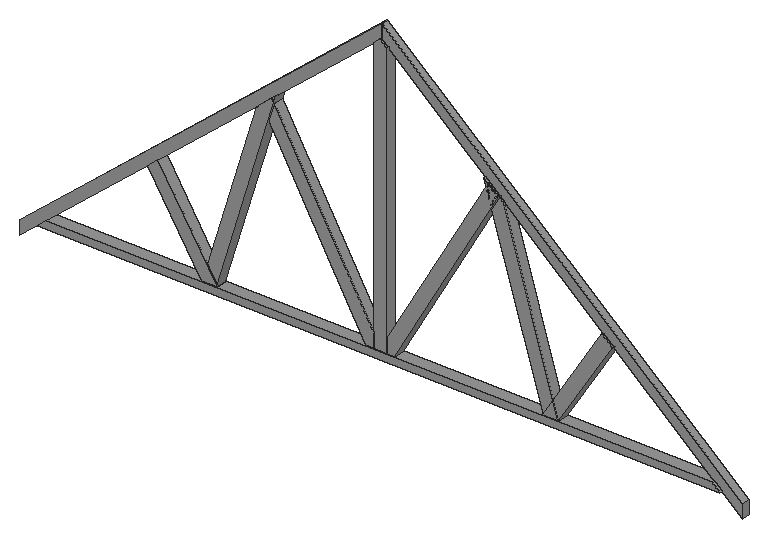
Revit family "ModifiedQueenTruss", category Structural Framing, Revit 2021
Family settings
  Section Shape = Not Defined
  Material for Model Behavior = Other
  Always export as geometry = No
  OmniClass Number = 23.25.30.21.14
  OmniClass Title = Trussed Beams and Joists
  Work Plane-Based = No
  Always vertical = Yes
  Cut with Voids When Loaded = No
  Symbolic Representation = From Family
  Shared = No
  Show family pre-cut in plan views = Yes
Parameters
  WebWidth [instance] = 150 mm
  WebDepth [instance] = 200 mm
  TopWidth [instance] = 100 mm
  T_Volume [instance] = 0.00 m³
  Structural Material [instance] = Poche
  SpanRight [instance] = 5000 mm
  SpanLeft [instance] = 5000 mm
  Span [instance] = SpanLeft + SpanRight  # 10000 mm
  SlopeRight [instance] = 40.00°
  SlopeLeft [instance] = 40.00°
  OverhangRight [instance] = 300 mm
  OverhangLeft [instance] = 300 mm
  BottomWidth [instance] = 200 mm
  BottomDepth [instance] = 100 mm
  TopDepth [instance] = 150 mm
Reference planes
  plane 1 "Center (Front/Back)": y = 0
  plane 2: z = 0
  plane 3 "Center (Left/Right)": x = 0
  plane 4: x = 5000
  plane 5: x = 5300
  plane 6: x = -5000
  plane 7: x = -5300
  plane 8: z = 100
  plane 9: x = 100
  plane 10: x = -100
  plane 11: y = 50
  plane 12: y = 75
  plane 13: y = 100
  plane 14: y = -50
  plane 15: y = -75
  plane 16: y = -100
  plane 17: x = 1666.667
  plane 18: x = 3333.333
  plane 19: x = -1666.667
  plane 20: x = -3333.333
  plane 21: x = 2500
  plane 22: x = -2500
Forms (mm)
  Extrusion 1, solid, material "Cherry"
    sketch origin (0, 0, 0) x (1, 0, 0) y (0, 0, 1)
      loop
        line (-5300, -251.73) -> (0, 4195.498) -> (0, 4391.309) -> (-5300, -55.919) -> (-5300, -251.73)
    from -50 to 50
  Extrusion 2, solid, material "Cherry"
    sketch origin (0, 0, 0) x (1, 0, 0) y (0, 0, 1)
      loop
        line (5300, -251.73) -> (5300, -55.919) -> (0, 4391.309) -> (0, 4195.498) -> (5300, -251.73)
    from -50 to 50
  Extrusion 3, solid, material "Cherry"
    sketch origin (0, 0, 0) x (1, 0, 0) y (0, 0, 1)
      loop
        line (-5000, 0) -> (5000, 0) -> (4880.825, 100) -> (-4880.825, 100) -> (-5000, 0)
    from -100 to 100
  Extrusion 4, solid, material "Cherry"
    sketch origin (0, 0, 0) x (1, 0, 0) y (0, 0, 1)
      loop
        line (-2381.178, 100) -> (-3256.101, 1463.305) -> (-3410.565, 1333.694) -> (-2618.822, 100) -> (-2381.178, 100)
    from -75 to 75
  Extrusion 5, solid, material "Cherry"
    sketch origin (0, 0, 0) x (1, 0, 0) y (0, 0, 1)
      loop
        line (-1525.367, 2915.563) -> (-1807.966, 2678.434) -> (-2604.665, 100) -> (-2395.335, 100) -> (-1525.367, 2915.563)
    from -75 to 75
  Extrusion 6, solid, material "Cherry"
    sketch origin (0, 0, 0) x (1, 0, 0) y (0, 0, 1)
      loop
        line (1807.966, 2678.434) -> (1525.367, 2915.563) -> (2395.335, 100) -> (2604.665, 100) -> (1807.966, 2678.434)
    from -75 to 75
  Extrusion 7, solid, material "Cherry"
    sketch origin (0, 0, 0) x (1, 0, 0) y (0, 0, 1)
      loop
        line (3410.565, 1333.694) -> (3256.101, 1463.305) -> (2381.178, 100) -> (2618.822, 100) -> (3410.565, 1333.694)
    from -75 to 75
  Extrusion 8, solid, material "Cherry"
    sketch origin (0, 0, 0) x (1, 0, 0) y (0, 0, 1)
      loop
        line (-1744.417, 2731.759) -> (-215.648, 100) -> (-100, 100) -> (-100, 299.086) -> (-1588.917, 2862.239) -> (-1744.417, 2731.759)
    from -75 to 75
  Extrusion 9, solid, material "Cherry"
    sketch origin (0, 0, 0) x (1, 0, 0) y (0, 0, 1)
      loop
        line (1744.417, 2731.759) -> (1588.917, 2862.239) -> (100, 299.086) -> (100, 100) -> (215.648, 100) -> (1744.417, 2731.759)
    from -75 to 75
  Extrusion 10, solid, material "Cherry"
    sketch origin (0, 0, 0) x (1, 0, 0) y (0, 0, 1)
      loop
        line (100, 100) -> (100, 4111.588) -> (0, 4195.498) -> (-100, 4111.588) -> (-100, 100) -> (100, 100)
    from -75 to 75
Lines and regions (mm)
  reference lines
    curve 1: line (5000, 0, 0) -> (0, 0, 4195.498)
    curve 2: line (5233.359, 0, 0) -> (95, 0, 4311.595)
    curve 3: line (-5000, 0, 0) -> (0, 0, 4195.498)
    curve 4: line (-5088.866, 0, 121.244) -> (-137.055, 0, 4276.306)
    curve 5: line (1666.667, 0, 2796.999) -> (100, 0, 100)
    curve 6: line (1666.667, 0, 2796.999) -> (2500, 0, 100)
    curve 7: line (3333.333, 0, 1398.499) -> (2500, 0, 100)
    curve 8: line (-100, 0, 100) -> (-1666.667, 0, 2796.999)
    curve 9: line (-1666.667, 0, 2796.999) -> (-2500, 0, 100)
    curve 10: line (-2500, 0, 100) -> (-3333.333, 0, 1398.499)
    curve 11: line (3204.078, 0, 1382.243) -> (2483.161, 0, 258.909)
    curve 12: line (3462.588, 0, 1414.756) -> (2553.917, 0, -1.134)
    curve 13: line (1841.023, 0, 2571.45) -> (2614.273, 0, 68.905)
    curve 14: line (1492.311, 0, 3022.547) -> (2499.435, 0, -236.91)
    curve 15: line (16.134, 0, 99.163) -> (-1531.311, 0, 2763.071)
    curve 16: line (-87.598, 0, -120.437) -> (-1802.023, 0, 2830.927)
    curve 17: line (-1841.023, 0, 2571.45) -> (-2614.273, 0, 68.905)
    curve 18: line (-1492.311, 0, 3022.547) -> (-2499.435, 0, -236.91)
    curve 19: line (-2483.161, 0, 258.909) -> (-3204.078, 0, 1382.243)
    curve 20: line (-2553.917, 0, -1.134) -> (-3462.588, 0, 1414.756)
    curve 21: line (1463.633, 0, 2646.564) -> (-103.86, 0, -51.858)
    curve 22: line (1869.701, 0, 2947.434) -> (-92.483, 0, -430.443)
Dimensions and locks
  "OverhangLeft": plane 4 to plane 5
  "OverhangRight": plane 6 to plane 7
  "SpanRight": plane 3 "Center (Left/Right)" to plane 6
  "SpanLeft": plane 3 "Center (Left/Right)" to plane 4
  "BottomDepth": level to plane 8
  equal spacing: plane 10, plane 3 "Center (Left/Right)", plane 9
  "WebDepth": plane 10 to plane 9
  "TopDepth": curve 1 to curve 2
  "TopDepth": curve 4 to curve 3
  equal spacing: plane 11, plane 1 "Center (Front/Back)", plane 14
  equal spacing: plane 12, plane 1 "Center (Front/Back)", plane 15
  equal spacing: plane 13, plane 1 "Center (Front/Back)", plane 16
  "TopWidth": plane 11 to plane 14
  "WebWidth": plane 12 to plane 15
  "BottomWidth": plane 13 to plane 16
  equal spacing: plane 4, plane 18, plane 17, plane 3 "Center (Left/Right)"
  equal spacing: plane 3 "Center (Left/Right)", plane 19, plane 20, plane 6
  equal spacing: plane 18, plane 21, plane 17
  equal spacing: plane 20, plane 22, plane 19
  equal spacing: curve 12, curve 7, curve 11
  equal spacing: curve 13, curve 6, curve 14
  equal spacing: curve 16, curve 8, curve 15
  equal spacing: curve 18, curve 9, curve 17
  equal spacing: curve 20, curve 10, curve 19
  "WebDepth": curve 12 to curve 11
  "WebDepth": curve 13 to curve 14
  "WebDepth": curve 18 to curve 17
  "WebDepth": curve 16 to curve 15
  "WebDepth": curve 20 to curve 19
  equal spacing: curve 22, curve 5, curve 21
  "WebDepth": curve 22 to curve 21
  "SlopeLeft": angle level to curve 1
  "SlopeRight": angle curve 3 to level
  aligned and locked: plane 2 to level
  aligned and locked: level to curve 1
  aligned and locked: plane 3 "Center (Left/Right)" to curve 1
  aligned and locked: plane 4 to curve 1
  aligned and locked: plane 6 to curve 3
  aligned and locked: plane 8 to curve 5
  aligned and locked: Extrusion 1 sketch curve to curve 3
  aligned and locked: Extrusion 1 sketch curve to curve 4
  aligned and locked: plane 3 "Center (Left/Right)" to Extrusion 1 sketch curve
  aligned and locked: Extrusion 1 sketch curve to plane 7
  aligned and locked: Extrusion 2 sketch curve to curve 1
  aligned and locked: Extrusion 2 sketch curve to curve 2
  aligned and locked: plane 3 "Center (Left/Right)" to Extrusion 2 sketch curve
  aligned and locked: plane 5 to Extrusion 2 sketch curve
  aligned and locked: level to Extrusion 3 sketch curve
  aligned and locked: plane 8 to Extrusion 3 sketch curve
  aligned and locked: Extrusion 1 to Extrusion 3 sketch curve
  aligned and locked: Extrusion 2 to Extrusion 3 sketch curve
  aligned and locked: Extrusion 3 to plane 13
  aligned and locked: Extrusion 3 to plane 16
  aligned and locked: Extrusion 1 to plane 11
  aligned and locked: Extrusion 1 to plane 14
  aligned and locked: Extrusion 2 to plane 11
  aligned and locked: Extrusion 2 to plane 14
  aligned and locked: Extrusion 4 sketch curve to curve 19
  aligned and locked: curve 20 to Extrusion 4 sketch curve
  aligned and locked: Extrusion 1 to Extrusion 4 sketch curve
  aligned and locked: Extrusion 3 to Extrusion 4 sketch curve
  aligned and locked: curve 18 to Extrusion 5 sketch curve
  aligned and locked: Extrusion 5 sketch curve to curve 17
  aligned and locked: Extrusion 1 to Extrusion 5 sketch curve
  aligned and locked: Extrusion 3 to Extrusion 5 sketch curve
  aligned and locked: Extrusion 6 sketch curve to curve 13
  aligned and locked: curve 14 to Extrusion 6 sketch curve
  aligned and locked: Extrusion 2 to Extrusion 6 sketch curve
  aligned and locked: Extrusion 3 to Extrusion 6 sketch curve
  aligned and locked: curve 12 to Extrusion 7 sketch curve
  aligned and locked: Extrusion 7 sketch curve to curve 11
  aligned and locked: Extrusion 2 to Extrusion 7 sketch curve
  aligned and locked: Extrusion 3 to Extrusion 7 sketch curve
  aligned and locked: Extrusion 1 to Extrusion 8 sketch curve
  aligned and locked: curve 15 to Extrusion 8 sketch curve
  aligned and locked: curve 16 to Extrusion 8 sketch curve
  aligned and locked: plane 10 to Extrusion 8 sketch curve
  aligned and locked: Extrusion 3 to Extrusion 8 sketch curve
  aligned and locked: curve 22 to Extrusion 9 sketch curve
  aligned and locked: Extrusion 9 sketch curve to curve 21
  aligned and locked: Extrusion 2 to Extrusion 9 sketch curve
  aligned and locked: Extrusion 3 to Extrusion 9 sketch curve
  aligned and locked: Extrusion 9 sketch curve to plane 9
  aligned and locked: Extrusion 10 sketch curve to plane 9
  aligned and locked: plane 10 to Extrusion 10 sketch curve
  aligned and locked: Extrusion 3 to Extrusion 10 sketch curve
  aligned and locked: Extrusion 10 sketch curve to Extrusion 2
  aligned and locked: Extrusion 1 to Extrusion 10 sketch curve
  aligned and locked: Extrusion 5 to plane 12
  aligned and locked: Extrusion 5 to plane 15
  aligned and locked: Extrusion 4 to plane 12
  aligned and locked: Extrusion 4 to plane 15
  aligned and locked: Extrusion 8 to plane 12
  aligned and locked: Extrusion 8 to plane 15
  aligned and locked: Extrusion 7 to plane 12
  aligned and locked: Extrusion 7 to plane 15
  aligned and locked: Extrusion 9 to plane 12
  aligned and locked: Extrusion 9 to plane 15
  aligned and locked: Extrusion 10 to plane 12
  aligned and locked: Extrusion 10 to plane 15
  aligned and locked: Extrusion 6 to plane 12
  aligned and locked: Extrusion 6 to plane 15
Automatic sketch dimensions
  plane 20 to curve 10 = 0 mm
  curve 9 to plane 8 = 0 mm
  curve 9 to plane 22 = 0 mm
  plane 19 to curve 9 = 0 mm
  curve 8 to plane 8 = 0 mm
  curve 8 to plane 10 = 0 mm
  plane 9 to curve 5 = 0 mm
  curve 6 to plane 17 = 0 mm
  curve 7 to plane 8 = 0 mm
  curve 7 to plane 21 = 0 mm
  curve 7 to plane 18 = 0 mm
  curve 2 to level = 0 mm
  curve 4 to plane 8 = 21.244 mm
  plane 20 to curve 20 = 129.255 mm
  curve 19 to plane 20 = 129.255 mm
  plane 8 to curve 17 = 31.095 mm
  level to curve 20 = 1.134 mm
  plane 22 to curve 18 = 0.565 mm
  plane 22 to curve 19 = 16.839 mm
  plane 19 to curve 17 = 174.356 mm
  plane 19 to curve 16 = 135.356 mm
  curve 15 to plane 19 = 135.356 mm
  curve 18 to plane 19 = 174.356 mm
  curve 4 to plane 10 = 37.055 mm
  curve 21 to plane 10 = 3.86 mm
  plane 10 to curve 22 = 7.517 mm
  plane 10 to curve 16 = 12.402 mm
  plane 8 to curve 15 = 0.837 mm
  plane 9 to curve 2 = 5 mm
  curve 21 to plane 17 = 203.034 mm
  curve 14 to plane 17 = 174.356 mm
  plane 17 to curve 13 = 174.356 mm
  plane 17 to curve 22 = 203.034 mm
  curve 11 to plane 21 = 16.839 mm
  curve 14 to plane 21 = 0.565 mm
  level to curve 12 = 1.134 mm
  plane 8 to curve 13 = 31.095 mm
  curve 11 to plane 18 = 129.255 mm
  plane 18 to curve 12 = 129.255 mm
